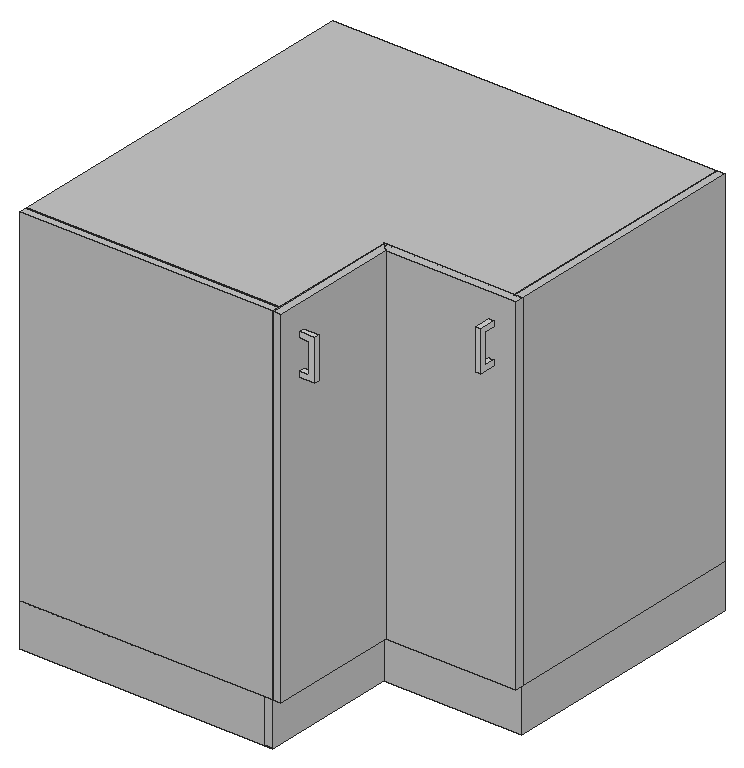
Revit family "Base Cabinet Corner 197", category Casework, Revit 2019
Family settings
  Work Plane-Based = No
  Always vertical = Yes
  Cut with Voids When Loaded = No
  Shared = No
  Room Calculation Point = No
Parameters
  URL = "www.wicnet.org/manual_sections.asp"
  Top Panel Material = none
  Toe Panel Material = none
  Side Panel Material = none
  Model = "197"
  Manufacturer = "Woodwork Institute"
  Door Panel Material = none
  Description = "Base Cabinet w/o Drawers"
  Depth_Right = 2' - 0"
  Depth_Left = 2' - 0"
  Depth = Depth_Right + 1' 0"  # 3' - 0"
  Height = 3' - 0"
  Width = Depth_Left + 1' 0"  # 3' - 0"
  Content Creator URL = "www.AECcontent.com"
  Content Creator = "AECcontent"
  Back Panel Material = none
  Assembly Code = "E2010200"
Reference planes (in)
  plane 1 "Back_Right": y = 0
  plane 2 "Door_EdgeL": x = 0.7377
  plane 3 "Back_Left": x = -23.2623
  plane 4 "Edge_Right": x = 12.7377
  plane 5 "Edge_Left": y = -36
  plane 6 "Top": z = 36
  plane 7: z = 4
  plane 8: z = 20
  plane 9 "Door_EdgeR": y = -24
  plane 10: x = -0.0123
Forms (in)
  Extrusion 1, solid, material <- "Back Panel Material"
    sketch origin (0, 0, 0) x (1, 0, 0) y (0, 0, 1)
      loop
        line (-22.5123, 35.25) -> (-22.5123, 0) -> (11.9877, 0) -> (11.9877, 35.25) -> (-22.5123, 35.25)
    from 0 to 0.75
  Extrusion 2, solid, material <- "Back Panel Material"
    sketch origin (-23.2623, 0, 0) x (0, -1, 0) y (0, 0, 1)
      loop
        line (35.25, 35.25) -> (0, 35.25) -> (0, 0) -> (35.25, 0) -> (35.25, 35.25)
    from 0 to -0.75
  Extrusion 3, solid, material <- "Top Panel Material"
    sketch origin (0, 0, 36) x (0, -1, 0) y (1, 0, 0)
      loop
        line (0, -23.2623) -> (35.25, -23.2623) -> (35.25, -0.0123) -> (23.25, -0.0123) -> (23.25, 11.9877) -> (0, 11.9877) -> (0, -23.2623)
    from 0 to -0.75
  Extrusion 4, solid, material <- "Side Panel Material"
    sketch origin (0, -36, 0) x (1, 0, 0) y (0, 0, 1)
      loop
        line (-23.2623, 36) -> (-23.2623, 4) -> (-0.0123, 4) -> (-0.0123, 36) -> (-23.2623, 36)
    from 0 to -0.75
  Extrusion 5, solid, material <- "Toe Panel Material"
    sketch origin (0, -36, 0) x (1, 0, 0) y (0, 0, 1)
      loop
        line (-23.2623, 4) -> (-23.2623, 0) -> (-0.0123, 0) -> (-0.0123, 4) -> (-23.2623, 4)
    from 0 to -0.75
  Extrusion 6, solid, material <- "Side Panel Material"
    sketch origin (12.7377, 0, 0) x (0, -1, 0) y (0, 0, 1)
      loop
        line (23.25, 36) -> (0, 36) -> (0, 4) -> (23.25, 4) -> (23.25, 36)
    from 0 to 0.75
  Extrusion 7, solid, material <- "Toe Panel Material"
    sketch origin (12.7377, 0, 0) x (0, -1, 0) y (0, 0, 1)
      loop
        line (22.53212, 4) -> (0, 4) -> (0, 0) -> (22.53212, 0) -> (22.53212, 4)
    from 0 to 0.75
  Extrusion 8, solid, material <- "Toe Panel Material"
    sketch origin (-1.51773, 0.38387, 0) x (1, 0, 0) y (0, 1, 0)
      loop
        line (0.7377, -22.91345) -> (0.7377, -36) -> (1.50544, -36) -> (1.50544, -23.66345) -> (0.7377, -22.91345)
    from 0 to 4
  Extrusion 9, solid, material <- "Toe Panel Material"
    sketch origin (0, 0.71788, 0) x (1, 0, 0) y (0, 1, 0)
      loop
        line (12.7377, -23.25) -> (-0.77743, -23.25) -> (-0.0097, -24) -> (12.7377, -24) -> (12.7377, -23.25)
    from 0 to 4
  Extrusion 10, solid, material <- "Door Panel Material"
    sketch origin (0, 0, 36) x (0, -1, 0) y (1, 0, 0)
      loop
        line (23.25, -0.03409) -> (24, 0.73365) -> (24, 12.7377) -> (23.25, 12.7377) -> (23.25, -0.03409)
    from 0 to -32
  Extrusion 11, solid, material <- "Door Panel Material"
    sketch origin (-0.75, 0, 36) x (0, -1, 0) y (1, 0, 0)
      loop
        line (23.25115, 0.7377) -> (36, 0.7377) -> (36, 1.50544) -> (24.01889, 1.50544) -> (23.25115, 0.7377)
    from 0 to -32
  Extrusion 12, solid, material <- "Toe Panel Material"
    sketch origin (-1.51773, 0.38387, 0) x (1, 0, 0) y (0, 1, 0)
      loop
        line (0.7377, -22.90516) -> (0.7377, -36.38387) -> (1.50544, -36.38387) -> (1.50544, -23.65516) -> (0.7377, -22.90516)
    from 0 to 4
Cuts and joins
  joined: Extrusion 5, Extrusion 7, Extrusion 8, Extrusion 9
Lines and regions (in)
  symbolic lines
    curve 1: line (-23.2623, -36, 0) -> (-23.2623, 0, 0)
    curve 2: line (0.7377, -23.25, 0) -> (0.7377, -24, 0)
  symbolic lines, style "Elevation Swing"
    curve 3: line (-22.5123, 0, 20) -> (0.7377, 0, 20)
    curve 4: line (-22.5123, 0, 20.75) -> (0.7377, 0, 20.75)
    curve 5: line (1.50544, 0, 20) -> (11.9877, 0, 20)
    curve 6: line (1.50544, 0, 20.75) -> (11.9877, 0, 20.75)
    curve 7: line (12.7377, 0, 36) -> (1.50544, 0, 20)
    curve 8: line (1.50544, 0, 20) -> (12.7377, 0, 4)
    curve 9: line (0, -36, 36) -> (0, -24.04985, 20)
    curve 10: line (0, -24.04985, 20) -> (0, -36, 4)
    curve 11: line (0, -35.25, 20) -> (0, -24.04985, 20)
    curve 12: line (0, -35.25, 20.75) -> (0, -24, 20.75)
    curve 13: line (0, -23.28212, 20) -> (0, -0.75, 20)
    curve 14: line (0, -23.28212, 20.75) -> (0, -0.75, 20.75)
    curve 15: line (-22.5123, 0, 4) -> (0.7377, 0, 4)
    curve 16: line (-22.5123, 0, 4.75) -> (0.7377, 0, 4.75)
    curve 17: line (1.50544, 0, 4) -> (11.9877, 0, 4)
    curve 18: line (1.50544, 0, 4.75) -> (11.9877, 0, 4.75)
    curve 19: line (0, -35.25, 4) -> (0, -24.04985, 4)
    curve 20: line (0, -35.25, 4.75) -> (0, -24, 4.75)
    curve 21: line (0, -23.28212, 4) -> (0, -0.75, 4)
    curve 22: line (0, -23.28212, 4.75) -> (0, -0.75, 4.75)
  symbolic lines, style "Plan Rep - Below"
    curve 23: line (-23.2623, 0, 0) -> (12.7377, 0, 0)
    curve 24: line (12.7377, 0, 0) -> (12.7377, -24, 0)
    curve 25: line (12.7377, -24, 0) -> (0.7377, -24, 0)
    curve 26: line (12.7377, -23.25, 0) -> (0.7377, -23.25, 0)
    curve 27: line (0.7377, -24, 0) -> (0.7377, -36, 0)
    curve 28: line (0.7377, -36, 0) -> (-23.2623, -36, 0)
    curve 29: line (0.7377, -23.25, 0) -> (0.7377, -36, 0)
Dimensions and locks (in)
  plane 3 "Back_Left" to plane 4 "Edge_Right" = 3' - 0"
  "Height": level to plane 6 "Top"
  equal spacing: plane 6 "Top", plane 8, plane 7
  locked: nested 2 to plane 5 "Edge_Left" at 2.25
  locked: nested 2 to plane 6 "Top" at 2.25
  locked: plane 6 "Top" to nested 1 at 2.25
  locked: nested 1 to plane 4 "Edge_Right" at 2.25
  locked: plane 7 to level at 4
  locked: plane 2 "Door_EdgeL" to plane 4 "Edge_Right" at 12
  "Depth_Left": plane 3 "Back_Left" to plane 2 "Door_EdgeL"
  locked: plane 5 "Edge_Left" to plane 9 "Door_EdgeR" at 12
  "Depth_Right": plane 9 "Door_EdgeR" to plane 1 "Back_Right"
  aligned and locked: Extrusion 1 sketch curve to Extrusion 2
  aligned and locked: Extrusion 5 sketch curve to Extrusion 4
  aligned and locked: nested 2 to Extrusion 10
  aligned and locked: plane 9 "Door_EdgeR" to nested 1
  aligned and locked: Extrusion 10 to Extrusion 9
  aligned and locked: Extrusion 11 to Extrusion 8
  aligned and locked: plane 7 to Extrusion 10
  aligned and locked: plane 7 to Extrusion 11
Automatic sketch dimensions
  Extrusion 1 sketch curve to level = 0' - 0"
  plane 6 "Top" to Extrusion 1 sketch curve = 0' - 0 3/4"
  Extrusion 2 sketch curve to level = 0' - 0"
  plane 6 "Top" to Extrusion 2 sketch curve = 0' - 0 3/4"
  Extrusion 2 sketch curve to plane 1 "Back_Right" = 0' - 0"
  Extrusion 3 sketch curve to plane 1 "Back_Right" = 0' - 0"
  Extrusion 3 sketch curve to plane 2 "Door_EdgeL" = 0' - 0 3/4"
  Extrusion 3 sketch curve to plane 3 "Back_Left" = 0' - 0"
  Extrusion 4 sketch curve to plane 2 "Door_EdgeL" = 0' - 0 3/4"
  Extrusion 4 sketch curve to plane 7 = 0' - 0"
  Extrusion 4 sketch curve to plane 6 "Top" = 0' - 0"
  Extrusion 5 sketch curve to level = 0' - 0"
  Extrusion 5 sketch curve to plane 3 "Back_Left" = 0' - 0"
  Extrusion 5 sketch curve to plane 2 "Door_EdgeL" = 0' - 0 3/4"
  Extrusion 6 sketch curve to plane 1 "Back_Right" = 0' - 0"
  Extrusion 6 sketch curve to plane 7 = 0' - 0"
  Extrusion 6 sketch curve to plane 6 "Top" = 0' - 0"
  Extrusion 7 sketch curve to plane 1 "Back_Right" = 0' - 0"
  Extrusion 7 sketch curve to level = 0' - 0"
  Extrusion 7 sketch curve to plane 7 = 0' - 0"
  Extrusion 8 sketch curve to plane 2 "Door_EdgeL" = 0' - 1.51773"
  Extrusion 8 sketch curve to plane 9 "Door_EdgeR" = 0' - 0.72042"
  Extrusion 8 sketch curve to plane 5 "Edge_Left" = 0' - 0.38387"
  Extrusion 9 sketch curve to plane 2 "Door_EdgeL" = 0' - 1.51514"
  Extrusion 9 sketch curve to plane 9 "Door_EdgeR" = 0' - 0.71788"
  Extrusion 9 sketch curve to plane 4 "Edge_Right" = 0' - 0"
  Extrusion 10 sketch curve to plane 4 "Edge_Right" = 0' - 0"
  Extrusion 10 sketch curve to plane 2 "Door_EdgeL" = 0' - 0.77179"
  Extrusion 10 sketch curve to plane 9 "Door_EdgeR" = 0' - 0"
  Extrusion 11 sketch curve to plane 2 "Door_EdgeL" = 0' - 0 3/4"
  Extrusion 11 sketch curve to plane 5 "Edge_Left" = 0' - 0"
  plane 9 "Door_EdgeR" to Extrusion 11 sketch curve = 0' - 0.01889"
  Extrusion 4 sketch curve to plane 3 "Back_Left" = 0' - 0"
  Extrusion 8 sketch curve to Extrusion 8 sketch curve = 0' - 0.76773"
  Extrusion 9 sketch curve to plane 2 "Door_EdgeL" = 0' - 0.7474"
  Extrusion 10 sketch curve to plane 2 "Door_EdgeL" = 0' - 0.00406"
  Extrusion 11 sketch curve to Extrusion 11 sketch curve = 0' - 0.76773"
  Extrusion 3 sketch curve to plane 9 "Door_EdgeR" = 0' - 0 3/4"
  Extrusion 6 sketch curve to plane 9 "Door_EdgeR" = 0' - 0 3/4"
  Extrusion 7 sketch curve to plane 9 "Door_EdgeR" = 0' - 1.46788"
  Extrusion 8 sketch curve to plane 9 "Door_EdgeR" = 0' - 1.47042"
  Extrusion 9 sketch curve to plane 9 "Door_EdgeR" = 0' - 1.46788"
  Extrusion 10 sketch curve to plane 9 "Door_EdgeR" = 0' - 0 3/4"
  Extrusion 11 sketch curve to plane 9 "Door_EdgeR" = 0' - 0.74885"
  plane 4 "Edge_Right" to Extrusion 1 sketch curve = 0' - 0 3/4"
  plane 4 "Edge_Right" to Extrusion 3 sketch curve = 0' - 0 3/4"
  Extrusion 2 sketch curve to plane 5 "Edge_Left" = 0' - 0 3/4"
  Extrusion 3 sketch curve to plane 5 "Edge_Left" = 0' - 0 3/4"
  curve 15 to plane 7 = 0' - 0"
  curve 3 to plane 8 = 0' - 0"
  curve 4 to plane 2 "Door_EdgeL" = 0' - 0"
  curve 3 to plane 2 "Door_EdgeL" = 0' - 0"
  curve 16 to plane 2 "Door_EdgeL" = 0' - 0"
  curve 15 to plane 2 "Door_EdgeL" = 0' - 0"
  curve 7 to plane 8 = 0' - 0"
  curve 17 to plane 7 = 0' - 0"
  curve 7 to plane 4 "Edge_Right" = 0' - 0"
  curve 8 to plane 4 "Edge_Right" = 0' - 0"
  curve 8 to plane 7 = 0' - 0"
  curve 7 to plane 6 "Top" = 0' - 0"
  curve 3 to plane 3 "Back_Left" = 0' - 0 3/4"
  curve 15 to plane 3 "Back_Left" = 0' - 0 3/4"
  curve 4 to plane 3 "Back_Left" = 0' - 0 3/4"
  curve 16 to plane 3 "Back_Left" = 0' - 0 3/4"
  plane 2 "Door_EdgeL" to curve 7 = 0' - 0.76773"
  plane 2 "Door_EdgeL" to curve 18 = 0' - 0.76773"
  curve 17 to curve 18 = 0' - 0"
  curve 6 to curve 5 = 0' - 0"  (x2)
  plane 4 "Edge_Right" to curve 5 = 0' - 0 3/4"
  plane 4 "Edge_Right" to curve 17 = 0' - 0 3/4"
  curve 18 to curve 17 = 0' - 0"
  curve 16 to plane 7 = 0' - 0 3/4"
  curve 17 to curve 18 = 0' - 0 3/4"
  curve 5 to curve 6 = 0' - 0 3/4"
  curve 3 to curve 4 = 0' - 0 3/4"
  curve 13 to plane 8 = 0' - 0"
  curve 21 to plane 7 = 0' - 0"
  curve 20 to plane 9 "Door_EdgeR" = 0' - 0"
  curve 12 to plane 9 "Door_EdgeR" = 0' - 0"
  curve 11 to plane 8 = 0' - 0"
  curve 19 to plane 7 = 0' - 0"
  curve 9 to plane 5 "Edge_Left" = 0' - 0"
  curve 10 to plane 5 "Edge_Left" = 0' - 0"
  curve 10 to plane 7 = 0' - 0"
  curve 9 to plane 6 "Top" = 0' - 0"
  curve 13 to plane 9 "Door_EdgeR" = 0' - 0.71788"
  curve 22 to curve 20 = 0' - 0.71788"
  curve 21 to plane 9 "Door_EdgeR" = 0' - 0.71788"
  curve 14 to curve 12 = 0' - 0.71788"
  plane 1 "Back_Right" to curve 22 = 0' - 0 3/4"
  plane 1 "Back_Right" to curve 14 = 0' - 0 3/4"
  plane 1 "Back_Right" to curve 21 = 0' - 0 3/4"
  plane 1 "Back_Right" to curve 13 = 0' - 0 3/4"
  plane 9 "Door_EdgeR" to curve 11 = 0' - 0.04985"
  plane 9 "Door_EdgeR" to curve 19 = 0' - 0.04985"
  curve 11 to plane 5 "Edge_Left" = 0' - 0 3/4"
  curve 12 to curve 11 = 0' - 0"
  curve 20 to plane 5 "Edge_Left" = 0' - 0 3/4"
  curve 19 to curve 10 = 0' - 0 3/4"
  curve 19 to curve 20 = 0' - 0 3/4"
  curve 22 to plane 7 = 0' - 0 3/4"
  curve 13 to curve 14 = 0' - 0 3/4"
  curve 12 to curve 14 = 0' - 0"
  curve 1 to plane 1 "Back_Right" = 0' - 0"
  curve 1 to plane 3 "Back_Left" = 0' - 0"
  curve 29 to plane 2 "Door_EdgeL" = 0' - 0"
  curve 24 to plane 4 "Edge_Right" = 0' - 0"
  curve 1 to plane 5 "Edge_Left" = 0' - 0"
  curve 25 to plane 9 "Door_EdgeR" = 0' - 0"
  curve 2 to curve 26 = 0' - 0 3/4"
  Extrusion 12 sketch curve to plane 10 = 0' - 0"
  Extrusion 12 sketch curve to plane 10 = 0' - 0.76773"
  Extrusion 12 sketch curve to plane 5 "Edge_Left" = 0' - 0"
  Extrusion 12 sketch curve to plane 9 "Door_EdgeR" = 0' - 0.72871"
  Extrusion 12 sketch curve to plane 9 "Door_EdgeR" = 0' - 1.47871"
Nested families (in)
  nested 1: "Handle-Ver-Sqr" at (9.87954, -24, 31.87574), type "Handle-Ver-Sqr"
  nested 2: "Handle-Ver-Sqr" at (0.73365, -34.35816, 31.87574) x (0, 1, 0) z (0, 0, 1), type "Handle-Ver-Sqr"
Definition of nested family "Handle-Ver-Sqr"
  Parameters
    Handle Material = none
  Reference planes (in)
    plane 1 "Center (Front/Back)": y = 0
    plane 2: z = 0
    plane 3 "Center (Left/Right)": x = 0.60816
    plane 4: y = -1.25
    plane 5: z = 1.625
    plane 6: z = -1.625
  Forms (in)
    Sweep 1, solid, material "Default metal"
      path origin (0.60816, 0, 0) x (0, 1, 0) y (0, 0, 1)
        loop
          line (0, 1.625) -> (-1.25, 1.625) -> (-1.25, -1.625) -> (0, -1.625)
      profile origin (0, -0.625, 0) x (0, 0, -1) y (1, 0, 0)
        loop
          line (-1.625, 0.35816) -> (-1.37545, 0.35816) -> (-1.37545, 0.84661) -> (-1.87426, 0.84661) -> (-1.87426, 0.35816) -> (-1.625, 0.35816)
  Dimensions and locks (in)
    locked: plane 6 to plane 5 at 3.25
    aligned and locked: Sweep 1 sketch curve to plane 5
    aligned and locked: plane 6 to Sweep 1 sketch curve
